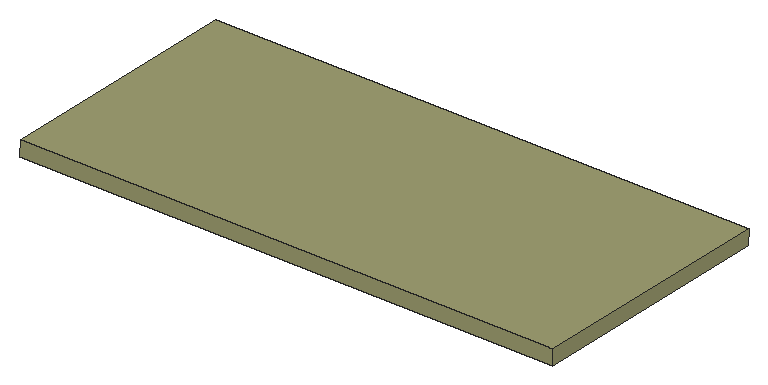
Revit family "Ecowool Classic Board (48kgm3)", category Generic Models, host Face, Revit 2020
Family settings
  Host = Face
  Can host rebar = No
  Round Connector Dimension = Use Diameter
  Part Type = Normal
  Cut with Voids When Loaded = No
  Shared = No
  Room Calculation Point = No
Parameters (values of type "EWBR 5048 (50mm)")
  Width [instance] = 800 mm
  Type of Insulation = "Glass Mineral Wool Insulation"
  Thermal R value = 1.6
  Thermal K value = 0.0309
  Remarks = ""
  Material Specification = ""
  Manufacturer = "PGF Insulation Sdn. Bhd."
  Insulation Thickness = 50 mm
  Length(mm) [instance] = 1740 mm
  Finish = Classic Board
  ECOWOOL Product thickness in mm = ""
  Description = "ECOWOOL™ CLASSIC board is specifically designed to provide superior\r\nfire resistance, acoustical and thermal insulation properties when\r\ninstalled in glass, metal or in fabricated metal pans. ECOWOOL™, the\r\nnew generation of glass mineral wool has been engineered to provide\r\nthe highest levels of thermal and acoustic performance for building\r\noccupants to achieve the level of indoor comfort deserved.\r\nMade from almost 80% recycled glass and locally sourced raw\r\nmaterials, ECOWOOL™ range of glass mineral wool is perfectly in tune\r\nwith sustainability and environmental concerns"
  Density = 48.00 kg/m³
  Default Elevation = 1219.2 mm
Types (3, lengths in mm): name | Thermal R value | Insulation Thickness | Description
  (no name) | 1.6 | 50 | "ECOWOOL™ CLASSIC board is specifically designed to provide superior\r\nfire resistance, acoustical and thermal insulation properties when\r\ninstalled in glass, metal or in fabricated metal pans. ECOWOOL™, the\r\nnew generation of glass mineral wool has been engineered to provide\r\nthe highest levels of thermal and acoustic performance for building\r\noccupants to achieve the level of indoor comfort deserved.\r\nMade from almost 80% recycled glass and locally sourced raw\r\nmaterials, ECOWOOL™ range of glass mineral wool is perfectly in tune\r\nwith sustainability and environmental concerns"
  EWBR 2548 (25mm) | 0.8 | 25 | "ECOWOOL™ CLASSIC board is specifically designed to provide superior\r\nfire resistance, acoustical and thermal insulation properties when\r\ninstalled in glass, metal or in fabricated metal pans. ECOWOOL™, the\r\nnew generation of glass mineral wool has been engineered to provide\r\nthe highest levels of thermal and acoustic performance for building\r\noccupants to achieve the level of indoor comfort deserved.\r\nMade from almost 80% recycled glass and locally sourced raw\r\nmaterials, ECOWOOL™ range of glass mineral wool is perfectly in tune\r\nwith sustainability and environmental concerns."
  EWBR 5048 (50mm) | 1.6 | 50 | "ECOWOOL™ CLASSIC board is specifically designed to provide superior\r\nfire resistance, acoustical and thermal insulation properties when\r\ninstalled in glass, metal or in fabricated metal pans. ECOWOOL™, the\r\nnew generation of glass mineral wool has been engineered to provide\r\nthe highest levels of thermal and acoustic performance for building\r\noccupants to achieve the level of indoor comfort deserved.\r\nMade from almost 80% recycled glass and locally sourced raw\r\nmaterials, ECOWOOL™ range of glass mineral wool is perfectly in tune\r\nwith sustainability and environmental concerns"
Reference planes
  plane 1 "Center (Front/Back)": y = 0
  plane 2: z = 0
  plane 3 "Center (Left/Right)": x = 0
  plane 4: x = 1740
  plane 5: y = -400
  plane 6: y = 400
Forms (mm)
  Sweep 1, solid, material "Classic Board" <- "Finish"
    path origin (0, 0, 0) x (1, 0, 0) y (0, 1, 0)
      loop
        line (0, 0) -> (1740, 0)
    profile origin (870, 0, 0) x (0, 1, 0) y (0, 0, 1)
      loop
        line (-400, 50) -> (-400, 0) -> (400, 0) -> (400, 50) -> (-400, 50)
Lines and regions (mm)
  reference lines
    curve 1: line (0, 0, 0) -> (1740, 0, 0)
Dimensions and locks
  "Width": plane 5 to plane 6
  equal spacing: plane 5, plane 1 "Center (Front/Back)", plane 6
  "Length(mm)": plane 3 "Center (Left/Right)" to plane 4
  "Insulation Thickness": host face to Sweep 1 sketch curve
  aligned and locked: plane 2 to host face
  aligned and locked: level to host face
  aligned and locked: plane 3 "Center (Left/Right)" to curve 1
  aligned and locked: plane 4 to curve 1
  aligned and locked: plane 3 "Center (Left/Right)" to Sweep 1 sketch curve
  aligned and locked: plane 4 to Sweep 1 sketch curve
  aligned and locked: level to Sweep 1 sketch curve
  aligned and locked: plane 6 to Sweep 1 sketch curve
  aligned and locked: Sweep 1 sketch curve to plane 5
Automatic sketch dimensions
  host sketch curve to host sketch curve = 1616.306 mm
  host sketch curve to host sketch curve = 2438.4 mm
  plane 1 "Center (Front/Back)" to curve 1 = 0 mm
  plane 1 "Center (Front/Back)" to Sweep 1 sketch curve = 0 mm
